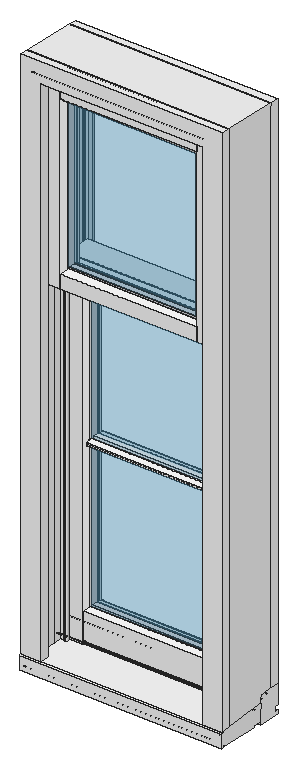
Revit family "S1-12", category Generic Models, Revit 2012
Parameters (values of type "Window Sill drawing")
  Width = 511 mm
  Height = 1397 mm
  GlazingPanelMaterial = Glass
  Floor Material = White
Reference planes
  plane 1 "Center (Front/Back)": y = 0
  plane 2: z = 0
  plane 3 "Center (Left/Right)": x = 0
  plane 4: z = 33
  plane 5: x = -714
  plane 6: x = -750
  plane 7: x = -718
  plane 8: x = -239
  plane 9: y = 67
  plane 10: y = -67
  plane 11: x = -271
  plane 12: z = 1397
  plane 13: z = 1365
  plane 14: z = 1361
  plane 15: z = 578
  plane 16: y = -35.88
  plane 17: x = -705.5
  plane 18: x = -275
  plane 19: y = 35.12
  plane 20: x = -705.5
  plane 21: z = 622
  plane 22: z = 117
  plane 23: y = 72.25
  plane 24: x = -494.5
  plane 25: y = -35.88
  plane 26: x = -283.5
  plane 27: y = 35.12
  plane 28: x = -283.5
  plane 29: z = 900.5
  plane 30: z = 910.5
  plane 31: y = 46.992
  plane 32: y = 46.992
  plane 33: y = 46.992
  plane 34: z = 501.251
Forms (mm)
  Extrusion 1, solid, not visible
    sketch origin (0, 0, 9.375) x (0, 1, 0) y (0, 0, 1)
      loop
        line (94.662, 311.911) -> (94.314, 312.868) -> (95.314, 312.868) -> (93.454, 317.977) -> (86.115, 317.977) -> (85.011, 317.575) -> (64.143, 317.575) -> (64.143, 311.911) -> (94.662, 311.911)
    from 0 to 250
  Extrusion 2, solid, not visible
    sketch origin (0, 0, 9.375) x (0, 1, 0) y (0, 0, 1)
      loop
        line (93.688, 317.334) -> (85.92, 317.334) -> (87.101, 312.926) -> (95.293, 312.926) -> (93.688, 317.334)
      loop
        line (91.853, 322.376) -> (91.853, 328.194)
        arc (91.853, 328.194) -> (91.424, 329.231) -> (90.388, 329.66) r 1.465
        line (90.388, 329.66) -> (71.853, 329.66) -> (71.853, 322.376) -> (91.853, 322.376)
      loop
        line (73.373, 320.598) -> (64.143, 320.598) -> (64.143, 317.575) -> (73.373, 317.575) -> (73.373, 320.598)
      loop
        line (61.169, 311.884) -> (61.169, 316.884) -> (56.169, 316.884)
        arc (56.169, 316.884) -> (53.926, 317.813) -> (52.996, 320.057) r 3.173
        line (52.996, 320.057) -> (52.996, 327.594)
        arc (52.996, 327.594) -> (53.247, 329.284) -> (54.656, 330.25) r 2.138
        line (54.656, 330.25) -> (56.493, 330.25)
        arc (56.493, 330.25) -> (57.939, 329.727) -> (58.925, 328.548) r 2.95
        line (58.925, 328.548) -> (59.306, 324.922) -> (61.24, 324.922) -> (60.612, 330.901)
        arc (60.612, 330.901) -> (59.723, 332.646) -> (57.894, 333.348) r 2.733
        line (57.894, 333.348) -> (52.423, 333.348)
        arc (52.423, 333.348) -> (50.164, 330.795) -> (49.999, 327.391) r 5.139
        line (49.999, 327.391) -> (47.957, 316.884)
        arc (47.957, 316.884) -> (49.179, 314.507) -> (49.698, 311.884) r 9.583
        line (49.698, 311.884) -> (61.169, 311.884)
    from 0 to 250
  Extrusion 3, solid, not visible
    sketch origin (-848.022, -244.537, 0) x (1, 0, 0) y (0, 1, 0)
      loop
        line (-156.504, 643.402) -> (-146.504, 653.402) -> (-146.504, 655.402) -> (-162.504, 655.402) -> (-162.504, 703.402) -> (-199.504, 703.402)
        arc (-199.504, 703.402) -> (-201.625, 702.524) -> (-202.504, 700.402) r 3
        line (-202.504, 700.402) -> (-202.504, 695.402) -> (-196.504, 695.402) -> (-196.504, 692.402) -> (-202.504, 692.402) -> (-202.504, 679.402) -> (-196.504, 679.402) -> (-196.504, 667.402) -> (-202.504, 667.402) -> (-202.504, 646.402)
        arc (-202.504, 646.402) -> (-201.625, 644.281) -> (-199.504, 643.402) r 3
        line (-199.504, 643.402) -> (-156.504, 643.402)
    from 672 to 1294
  Extrusion 4, solid, not visible
    sketch origin (-848.022, -244.537, 0) x (1, 0, 0) y (0, 1, 0)
      loop
        line (-162.504, 700.402) -> (-162.504, 681.402) -> (-150.504, 681.402) -> (-150.504, 684.402) -> (-146.504, 685.402) -> (-146.504, 689.402) -> (-149.504, 689.402)
        arc (-149.504, 689.402) -> (-151.847, 695.059) -> (-157.504, 697.402) r 8
        line (-157.504, 697.402) -> (-157.504, 700.402) -> (-162.504, 700.402)
    from 672 to 1294
  Extrusion 5, solid, not visible
    sketch origin (-511.418, -643.152, -230) x (1, 0, 0) y (0, 1, 0)
      loop
        line (-200.504, 641.902) -> (-200.504, 638.902) -> (-198.254, 638.902) -> (-198.254, 634.902) -> (-195.818, 634.902) -> (-195.818, 638.902) -> (-193.504, 638.902) -> (-193.504, 641.902) -> (-195.282, 641.902) -> (-195.282, 641.116) -> (-194.482, 641.116) -> (-194.482, 639.814) -> (-199.81, 639.814) -> (-199.81, 641.116) -> (-199.01, 641.116) -> (-199.01, 641.902) -> (-200.504, 641.902)
    from 230 to 852
  Extrusion 6, solid, not visible
    sketch origin (-511.418, -643.152, -140) x (1, 0, 0) y (0, 1, 0)
      loop
        line (-194.482, 639.814) -> (-194.482, 641.116) -> (-199.81, 641.116) -> (-199.81, 639.814) -> (-194.482, 639.814)
    from 140 to 762
  Extrusion 7, solid, not visible
    sketch origin (-511.418, -643.152, 0) x (1, 0, 0) y (0, 1, 0)
      loop
        spline (-199.847, 645.779) -> (-199.478, 645.505) -> (-199.241, 645.183) -> (-199.108, 644.823) -> (-199.048, 644.431) -> (-199.033, 644.016) -> (-199.035, 643.585) -> (-199.023, 643.147) -> (-198.97, 642.709) -> (-198.847, 642.279) -> (-198.624, 641.865) -> (-198.272, 641.475) -> (-197.764, 641.116)
        line (-197.764, 641.116) -> (-196.529, 641.116)
        spline (-196.529, 641.116) -> (-195.991, 641.457) -> (-195.612, 641.839) -> (-195.363, 642.251) -> (-195.215, 642.684) -> (-195.139, 643.129) -> (-195.106, 643.577) -> (-195.086, 644.017) -> (-195.05, 644.441) -> (-194.969, 644.838) -> (-194.814, 645.2) -> (-194.556, 645.517) -> (-194.166, 645.779)
        line (-194.166, 645.779) -> (-199.847, 645.779)
    from 0 to 622
  Sweep 8, solid, material "White" <- "Floor Material"
    path origin (0, 0, 0) x (1, 0, 0) y (0, 0, 1)
      loop
        line (-725, 33) -> (-725, 1372) -> (-264, 1372) -> (-264, 33)
    profile origin (-494.5, 0, 1372) x (0, 0, 1) y (0, -1, 0)
      loop
        line (0, -4) -> (0, 4) -> (-17.634, 4) -> (-17.634, 2.635) -> (-15.193, 2.635) -> (-15.193, 1.135) -> (-22.193, 1.135) -> (-22.193, 2.635) -> (-19.789, 2.635) -> (-19.789, 4) -> (-21, 4)
        arc (-21, 4) -> (-25, 0) -> (-21, -4) r 4
        line (-21, -4) -> (0, -4)
  Sweep 9, solid, material "White" <- "Floor Material"
    path origin (0, 87, 0) x (1, 0, 0) y (0, 0, 1)
      loop
        line (-239, 68.003) -> (-239, 1397) -> (-750, 1397) -> (-750, 68.003)
    profile origin (-494.5, 87, 1397) x (0, 0, -1) y (0, -1, 0)
      loop
        line (0, 20) -> (0, 0) -> (32, 0) -> (32, 20) -> (23, 20) -> (23, 15) -> (15, 15) -> (15, 20) -> (0, 20)
  Sweep 10, solid, material "White" <- "Floor Material"
    path origin (0, -87, 0) x (1, 0, 0) y (0, 0, -1)
      loop
        line (-239, -33) -> (-239, -1397) -> (-750, -1397) -> (-750, -33)
    profile origin (-494.5, -87, 1397) x (0, 0, 1) y (0, 1, 0)
      loop
        line (0, 0) -> (0, 20) -> (-15, 20) -> (-15, 15) -> (-23, 15) -> (-23, 20) -> (-38, 20) -> (-38, 17) -> (-40.25, 17) -> (-40.25, 13) -> (-42.75, 13) -> (-42.75, 17) -> (-45, 17) -> (-45, 20) -> (-50, 20) -> (-50, 0) -> (0, 0)
  Sweep 11, solid, material "White" <- "Floor Material"
    path origin (0, 67, 0) x (-1, 0, 0) y (0, 0, -1)
      loop
        line (718, -1365) -> (718, -68) -> (271, -68) -> (271, -1365) -> (718, -1365)
    profile origin (-494.5, 67, 1365) x (0, 0, 1) y (0, -1, 0)
      loop
        line (0, -14) -> (0, 0) -> (-6.422, 0) -> (-6.422, -1.526) -> (-4.982, -1.526) -> (-4.982, -3.026) -> (-9.982, -3.026) -> (-9.982, -1.526) -> (-8.578, -1.526) -> (-8.578, 0) -> (-15, 0) -> (-15, -14)
        arc (-15, -14) -> (-9, -20) -> (-3, -14) r 6
        line (-3, -14) -> (0, -14)
  Extrusion 12, solid, material "White" <- "Floor Material"
    sketch origin (2366.619, -1603.085, 0) x (1, 0, 0) y (0, 1, 0)
      loop
        arc (-3077.619, 1597.085) -> (-3079.741, 1596.207) -> (-3080.619, 1594.085) r 3
        line (-3080.619, 1594.085) -> (-3080.619, 1589.085) -> (-3074.619, 1589.085) -> (-3074.619, 1586.085) -> (-3080.619, 1586.085) -> (-3080.619, 1577.085) -> (-3071.619, 1577.085)
        arc (-3071.619, 1577.085) -> (-3061.619, 1567.085) -> (-3071.619, 1557.085) r 10
        line (-3071.619, 1557.085) -> (-3080.619, 1557.085) -> (-3080.619, 1540.085)
        arc (-3080.619, 1540.085) -> (-3079.741, 1537.964) -> (-3077.619, 1537.085) r 3
        line (-3077.619, 1537.085) -> (-3034.619, 1537.085) -> (-3024.619, 1547.085) -> (-3024.619, 1549.085) -> (-3040.619, 1549.085) -> (-3040.619, 1597.085) -> (-3077.619, 1597.085)
    from 883.5 to 1361
  Extrusion 13, solid
    sketch origin (2366.119, -1602.966, 0) x (1, 0, 0) y (0, 1, 0)
      loop
        circle (-3071.619, 1567.085) r 5
      loop
        circle (-3071.619, 1567.085) r 8.5
    from 932.713 to 1361
  Extrusion 14, solid, material "White" <- "Floor Material"
    sketch origin (0, -3460.081, -3.128) x (0, 1, 0) y (0, 0, 1)
      loop
        line (3443.083, 1364.128) -> (3397.083, 1364.128)
        arc (3397.083, 1364.128) -> (3394.962, 1363.249) -> (3394.083, 1361.128) r 3
        line (3394.083, 1361.128) -> (3394.083, 1318.128) -> (3404.083, 1308.128) -> (3406.083, 1308.128) -> (3406.083, 1324.128) -> (3454.083, 1324.128) -> (3454.083, 1361.128)
        arc (3454.083, 1361.128) -> (3453.205, 1363.249) -> (3451.083, 1364.128) r 3
        line (3451.083, 1364.128) -> (3446.083, 1364.128) -> (3446.083, 1358.128) -> (3443.083, 1358.128) -> (3443.083, 1364.128)
    from -668 to -321
  Extrusion 15, solid, material "White" <- "Floor Material"
    sketch origin (0, -3460.083, 302.372) x (0, 1, 0) y (0, 0, 1)
      loop
        line (3432.083, 609.128) -> (3406.083, 609.128) -> (3406.083, 625.128) -> (3404.083, 625.128) -> (3394.083, 615.128) -> (3394.083, 581.128) -> (3418.083, 581.128) -> (3418.083, 586.128) -> (3430.083, 586.128) -> (3430.083, 581.128) -> (3461.083, 581.128) -> (3461.083, 586.128) -> (3459.083, 596.128) -> (3454.083, 596.128) -> (3454.083, 606.128) -> (3448.083, 606.128) -> (3448.083, 609.128) -> (3454.083, 609.128) -> (3454.083, 625.128) -> (3436.083, 625.128) -> (3435.083, 621.128) -> (3432.083, 621.128) -> (3432.083, 609.128)
    from -668 to -321
  Sweep 16, solid, material "White" <- "Floor Material"
    path origin (0.117, -27.5, -0.107) x (1, 0, 0) y (0, 0, 1)
      loop
        line (-674, 910.607) -> (-674, 1321) -> (-315.217, 1321) -> (-315.217, 910.607)
    profile origin (-494.491, -27.5, 1320.893) x (0, 0, 1) y (0, -1, 0)
      loop
        line (-4.893, -19) -> (0.107, -19) -> (0.107, 0) -> (-11.893, 0) -> (-11.893, -3) -> (-15.893, -4) -> (-15.893, -8) -> (-12.893, -8)
        arc (-12.893, -8) -> (-10.55, -13.657) -> (-4.893, -16) r 8
        line (-4.893, -16) -> (-4.893, -19)
  Extrusion 17, solid, material "White" <- "Floor Material"
    sketch origin (0, -3459.584, -3.128) x (0, 1, 0) y (0, 0, 1)
      loop
        line (3466.25, 47.895) -> (3371.218, 36.226)
        arc (3371.218, 36.226) -> (3369.337, 35.236) -> (3368.583, 33.248) r 3
        line (3368.583, 33.248) -> (3368.583, 3.128) -> (3373.583, 3.128) -> (3373.583, 5.128)
        arc (3373.583, 5.128) -> (3376.583, 8.128) -> (3379.583, 5.128) r 3
        line (3379.583, 5.128) -> (3379.583, 3.128) -> (3472.583, 3.128) -> (3472.583, 8.128) -> (3492.583, 8.128) -> (3492.583, 36.128) -> (3497.583, 36.128) -> (3497.583, 51.128) -> (3492.583, 51.128) -> (3469.741, 48.39) -> (3472.672, 46.1)
        arc (3472.672, 46.1) -> (3473.13, 44.379) -> (3471.384, 44.026) r 1.223
        line (3471.384, 44.026) -> (3466.25, 47.895)
    from -750 to -239
  Extrusion 18, solid, material "White" <- "Floor Material"
    sketch origin (0, -3459.584, -3.128) x (0, 1, 0) y (0, 0, 1)
      loop
        line (3526.583, 71.128) -> (3509.928, 69.083) -> (3510.807, 68.237) -> (3513.821, 65.882)
        arc (3513.821, 65.882) -> (3513.838, 64.262) -> (3512.23, 64.064) r 1.216
        line (3512.23, 64.064) -> (3506.085, 68.694) -> (3492.583, 67.036) -> (3492.583, 62.041)
        arc (3492.583, 62.041) -> (3495.583, 59.041) -> (3492.583, 56.041) r 3
        line (3492.583, 56.041) -> (3492.583, 51.128) -> (3497.583, 51.128) -> (3497.583, 36.128) -> (3492.583, 36.128) -> (3492.583, 3.128) -> (3546.583, 3.128) -> (3546.583, 13.128) -> (3536.583, 13.128) -> (3536.583, 23.128) -> (3546.583, 23.128) -> (3546.583, 71.128) -> (3526.583, 71.128)
    from -750 to -239
  Extrusion 19, solid, material "White" <- "Floor Material"
    sketch origin (0, -3460.084, -3.125) x (0, 1, 0) y (0, 0, 1)
      loop
        line (3525.083, 116.128) -> (3477.083, 116.128) -> (3477.083, 132.128) -> (3475.083, 132.128) -> (3465.083, 122.128) -> (3465.083, 55.519)
        arc (3465.083, 55.519) -> (3466.096, 53.272) -> (3468.449, 52.541) r 3
        line (3468.449, 52.541) -> (3473.083, 53.11) -> (3473.083, 59.11) -> (3476.083, 59.11) -> (3476.083, 53.478) -> (3487.083, 54.829) -> (3487.083, 76.794) -> (3503.083, 76.794) -> (3503.083, 71.794) -> (3514.083, 73.144) -> (3514.083, 79.144) -> (3517.083, 79.144) -> (3517.083, 73.513) -> (3522.449, 74.171)
        arc (3522.449, 74.171) -> (3524.33, 75.161) -> (3525.083, 77.149) r 3
        line (3525.083, 77.149) -> (3525.083, 116.128)
    from -668 to -321
  Extrusion 20, solid, material "Glass"
    sketch origin (2366.619, -1602.584, 0) x (1, 0, 0) y (0, 1, 0)
      loop
        line (-3036.619, 1575.085) -> (-3036.619, 1571.085) -> (-2685.619, 1571.085) -> (-2685.619, 1575.085) -> (-3036.619, 1575.085)
      loop
        line (-3036.619, 1555.085) -> (-3036.619, 1551.085) -> (-2685.619, 1551.085) -> (-2685.619, 1555.085) -> (-3036.619, 1555.085)
    from 927.5 to 1305
  Sweep 21, solid
    path origin (0, -39.498, 0) x (1, 0, 0) y (0, 0, 1)
      loop
        line (-670, 1317) -> (-670, 917.5) -> (-319, 917.5) -> (-319, 1317) -> (-670, 1317)
    profile origin (-494.5, -39.498, 1317) x (0, 0, 1) y (0, -1, 0)
      loop
        line (0, -8) -> (0, 8) -> (-10, 8) -> (-10, -8) -> (0, -8)
  Extrusion 22, solid, material "White" <- "Floor Material"
    sketch origin (2366.619, -1532.085, -542) x (1, 0, 0) y (0, 1, 0)
      loop
        arc (-3077.619, 1597.085) -> (-3079.741, 1596.207) -> (-3080.619, 1594.085) r 3
        line (-3080.619, 1594.085) -> (-3080.619, 1577.085) -> (-3071.619, 1577.085)
        arc (-3071.619, 1577.085) -> (-3061.619, 1567.085) -> (-3071.619, 1557.085) r 10
        line (-3071.619, 1557.085) -> (-3080.619, 1557.085) -> (-3080.619, 1548.085) -> (-3074.619, 1548.085) -> (-3074.619, 1545.085) -> (-3080.619, 1545.085) -> (-3080.619, 1540.085)
        arc (-3080.619, 1540.085) -> (-3079.741, 1537.964) -> (-3077.619, 1537.085) r 3
        line (-3077.619, 1537.085) -> (-3034.619, 1537.085) -> (-3024.619, 1547.085) -> (-3024.619, 1549.085) -> (-3040.619, 1549.085) -> (-3040.619, 1597.085) -> (-3077.619, 1597.085)
    from 585.128 to 1425.5
  Extrusion 23, solid
    sketch origin (2366.119, -1531.966, -542) x (1, 0, 0) y (0, 1, 0)
      loop
        circle (-3071.619, 1567.085) r 5
      loop
        circle (-3071.619, 1567.085) r 8.5
    from 655 to 1442.607
  Extrusion 24, solid, material "White" <- "Floor Material"
    sketch origin (0, -3389.081, -239.628) x (0, 1, 0) y (0, 0, 1)
      loop
        line (3454.081, 1139.128) -> (3454.081, 1167.128) -> (3387.081, 1167.128) -> (3387.081, 1162.128) -> (3389.081, 1152.128) -> (3394.081, 1152.128) -> (3394.081, 1142.585) -> (3400.302, 1142.585) -> (3400.302, 1139.128) -> (3394.081, 1139.128) -> (3394.081, 1123.128) -> (3406.081, 1123.128) -> (3406.081, 1139.128) -> (3454.081, 1139.128)
    from -703 to -286.193
  Sweep 25, solid, material "White" <- "Floor Material"
    path origin (0.117, 43.5, -542.107) x (1, 0, 0) y (0, 0, 1)
      loop
        line (-674, 1442.607) -> (-674, 655.107) -> (-315.217, 655.107) -> (-315.217, 1442.607) -> (-674, 1442.607)
    profile origin (-494.491, 43.5, 900.5) x (0, 0, 1) y (0, -1, 0)
      loop
        line (-4.893, -19) -> (0.107, -19) -> (0.107, 0) -> (-11.893, 0) -> (-11.893, -3) -> (-15.893, -4) -> (-15.893, -8) -> (-12.893, -8)
        arc (-12.893, -8) -> (-10.55, -13.657) -> (-4.893, -16) r 8
        line (-4.893, -16) -> (-4.893, -19)
  Extrusion 26, solid, material "Glass"
    sketch origin (2366.619, -1531.584, -541.101) x (1, 0, 0) y (0, 1, 0)
      loop
        line (-3036.619, 1575.085) -> (-3036.619, 1571.085) -> (-2685.619, 1571.085) -> (-2685.619, 1575.085) -> (-3036.619, 1575.085)
      loop
        line (-3036.619, 1555.085) -> (-3036.619, 1551.085) -> (-2685.619, 1551.085) -> (-2685.619, 1555.085) -> (-3036.619, 1555.085)
    from 658.101 to 1424.601
  Sweep 27, solid
    path origin (0, 31.502, -542) x (1, 0, 0) y (0, 0, 1)
      loop
        line (-670, 1425.5) -> (-670, 659.003) -> (-319, 659.003) -> (-319, 1425.5) -> (-670, 1425.5)
    profile origin (-494.5, 31.502, 883.5) x (0, 0, 1) y (0, -1, 0)
      loop
        line (0, -8) -> (0, 8) -> (-10, 8) -> (-10, -8) -> (0, -8)
  Extrusion 28, solid, material "White" <- "Floor Material"
    sketch origin (0, -3459.584, -3.128) x (0, 1, 0) y (0, 0, 1)
      loop
        line (3466.25, 47.895) -> (3371.218, 36.226)
        arc (3371.218, 36.226) -> (3369.337, 35.236) -> (3368.583, 33.248) r 3
        line (3368.583, 33.248) -> (3368.583, 3.128) -> (3373.583, 3.128) -> (3373.583, 5.128)
        arc (3373.583, 5.128) -> (3376.583, 8.128) -> (3379.583, 5.128) r 3
        line (3379.583, 5.128) -> (3379.583, 3.128) -> (3472.583, 3.128) -> (3472.583, 8.128) -> (3492.583, 8.128) -> (3492.583, 36.128) -> (3497.583, 36.128) -> (3497.583, 51.128) -> (3492.583, 51.128) -> (3469.741, 48.39) -> (3472.672, 46.1)
        arc (3472.672, 46.1) -> (3473.131, 44.38) -> (3471.385, 44.025) r 1.223
        line (3471.385, 44.025) -> (3466.25, 47.895)
    from -750 to -239
  Extrusion 29, solid, material "White" <- "Floor Material"
    sketch origin (0, -3459.584, -3.128) x (0, 1, 0) y (0, 0, 1)
      loop
        line (3526.583, 71.128) -> (3509.928, 69.083) -> (3510.555, 68.434) -> (3513.821, 65.882)
        arc (3513.821, 65.882) -> (3513.838, 64.262) -> (3512.23, 64.064) r 1.216
        line (3512.23, 64.064) -> (3506.085, 68.694) -> (3492.583, 67.036) -> (3492.583, 62.041)
        arc (3492.583, 62.041) -> (3495.583, 59.041) -> (3492.583, 56.041) r 3
        line (3492.583, 56.041) -> (3492.583, 51.128) -> (3497.583, 51.128) -> (3497.583, 36.128) -> (3492.583, 36.128) -> (3492.583, 3.128) -> (3546.583, 3.128) -> (3546.583, 13.128) -> (3536.583, 13.128) -> (3536.583, 23.128) -> (3546.583, 23.128) -> (3546.583, 71.128) -> (3526.583, 71.128)
    from -750 to -239
  Extrusion 30, solid, material "White" <- "Floor Material"
    sketch origin (-3355.619, -1603.085, 0) x (-1, 0, 0) y (0, -1, 0)
      loop
        line (-3077.619, -1597.085) -> (-3040.619, -1597.085) -> (-3040.619, -1549.085) -> (-3024.619, -1549.085) -> (-3024.619, -1547.085) -> (-3034.619, -1537.085) -> (-3077.619, -1537.085)
        arc (-3077.619, -1537.085) -> (-3079.741, -1537.964) -> (-3080.619, -1540.085) r 3
        line (-3080.619, -1540.085) -> (-3080.619, -1557.085) -> (-3071.619, -1557.085)
        arc (-3071.619, -1557.085) -> (-3061.619, -1567.085) -> (-3071.619, -1577.085) r 10
        line (-3071.619, -1577.085) -> (-3080.619, -1577.085) -> (-3080.619, -1586.085) -> (-3074.619, -1586.085) -> (-3074.619, -1589.085) -> (-3080.619, -1589.085) -> (-3080.619, -1594.085)
        arc (-3080.619, -1594.085) -> (-3079.741, -1596.207) -> (-3077.619, -1597.085) r 3
    from 883.5 to 1364
  Extrusion 31, solid
    sketch origin (-3355.119, -1602.966, 0) x (-1, 0, 0) y (0, -1, 0)
      loop
        circle (-3071.619, -1567.085) r 5
      loop
        circle (-3071.619, -1567.085) r 8.5
    from 932.713 to 898.5
  Extrusion 32, solid, material "White" <- "Floor Material"
    sketch origin (-3355.619, -1532.085, -542) x (-1, 0, 0) y (0, -1, 0)
      loop
        line (-3077.619, -1597.085) -> (-3040.619, -1597.085) -> (-3040.619, -1549.085) -> (-3024.619, -1549.085) -> (-3024.619, -1547.085) -> (-3034.619, -1537.085) -> (-3077.619, -1537.085)
        arc (-3077.619, -1537.085) -> (-3079.741, -1537.964) -> (-3080.619, -1540.085) r 3
        line (-3080.619, -1540.085) -> (-3080.619, -1545.085) -> (-3074.619, -1545.085) -> (-3074.619, -1548.085) -> (-3080.619, -1548.085) -> (-3080.619, -1557.085) -> (-3071.619, -1557.085)
        arc (-3071.619, -1557.085) -> (-3061.619, -1567.085) -> (-3071.619, -1577.085) r 10
        line (-3071.619, -1577.085) -> (-3080.619, -1577.085) -> (-3080.619, -1594.085)
        arc (-3080.619, -1594.085) -> (-3079.741, -1596.207) -> (-3077.619, -1597.085) r 3
    from 585.128 to 1425.5
  Extrusion 33, solid
    sketch origin (-3355.119, -1531.966, -542) x (-1, 0, 0) y (0, -1, 0)
      loop
        circle (-3071.619, -1567.085) r 5
      loop
        circle (-3071.619, -1567.085) r 8.5
    from 655 to 1442.607
  Sweep 34, solid, material "White" <- "Floor Material"
    path origin (0, 0, 0) x (1, 0, 0) y (0, 0, 1)
      loop
        line (-750, 33.101) -> (-750, 1397) -> (-239, 1397) -> (-239, 33.101)
    profile origin (-494.5, 0, 1397) x (0, 0, 1) y (0, -1, 0)
      loop
        line (0, -67) -> (0, 67) -> (-15, 67) -> (-15, 72) -> (-23, 72) -> (-23, 67) -> (-32, 67) -> (-32, 23.423) -> (-28.765, 20.188)
        arc (-28.765, 20.188) -> (-28.765, 18.851) -> (-30.102, 18.851) r 0.945
        line (-30.102, 18.851) -> (-32, 20.749) -> (-32, 4) -> (-25, 4) -> (-25, -4) -> (-32, -4) -> (-32, -67) -> (-23, -67) -> (-23, -72) -> (-15, -72) -> (-15, -67) -> (0, -67)
  Sweep 35, void
    path origin (0, 0, 0) x (1, 0, 0) y (0, 1, 0)
      loop
        line (-780, 0) -> (-150, 0)
    profile origin (-465, 0, 0) x (0, 1, 0) y (0, 0, 1)
      loop
        line (6.667, 44.767) -> (-88.44, 33.089)
        arc (-88.44, 33.089) -> (-90.287, 32.137) -> (-91.073, 30.213) r 3
        line (-91.073, 30.213) -> (-103.128, 30.213) -> (-103.128, -6.095) -> (101.872, -6.095) -> (101.872, 68.092) -> (66.913, 68.092) -> (50.322, 66.055) -> (50.857, 65.395) -> (54.239, 62.753)
        arc (54.239, 62.753) -> (54.251, 61.131) -> (52.64, 60.94) r 1.216
        line (52.64, 60.94) -> (46.501, 65.566) -> (32.913, 63.898) -> (32.913, 59.005)
        arc (32.913, 59.005) -> (35.913, 56.005) -> (32.913, 53.005) r 3
        line (32.913, 53.005) -> (32.913, 48.092) -> (10.043, 45.352) -> (13.086, 42.974)
        arc (13.086, 42.974) -> (13.547, 41.252) -> (11.8, 40.898) r 1.223
        line (11.8, 40.898) -> (6.667, 44.767)
  Extrusion 36, solid, material "White" <- "Floor Material"
    sketch origin (-152.084, -46.104, 500.077) x (0, 0, 1) y (0, 1, 0)
      loop
        line (-8.825, 91.096) -> (11.175, 91.096) -> (11.175, 99.096) -> (9.175, 99.096) -> (9.175, 101.596) -> (3.675, 109.096) -> (3.675, 111.096) -> (-1.325, 111.096) -> (-1.325, 109.096) -> (-6.825, 101.596) -> (-6.825, 99.096) -> (-8.825, 99.096) -> (-8.825, 91.096)
      loop
        line (11.175, 62.296) -> (11.175, 65.096) -> (-8.825, 65.096) -> (-8.825, 62.296) -> (-1.325, 54.142) -> (-1.325, 52.142) -> (3.675, 52.142) -> (3.675, 54.142) -> (11.175, 62.296)
    from 178.909 to 505.916
  Extrusion 37, solid, material "White" <- "Floor Material"
    sketch origin (-152.084, 7.992, 899.345) x (0, 0, 1) y (0, 1, 0)
      loop
        line (-408.094, 34) -> (-408.094, 18) -> (-388.094, 18) -> (-388.094, 34) -> (-408.094, 34)
    from 136.916 to 589.023
  Extrusion 38, solid, material "Sill"
    sketch origin (0, -343.566, 2308.759) x (0, 1, 0) y (0, 0, 1)
      loop
        line (398.83, -2233.777) -> (398.83, -2239.91) -> (394.818, -2240.411) -> (393.98, -2241.004) -> (394.938, -2241.371) -> (399.682, -2240.778) -> (399.682, -2234.506) -> (401.113, -2235.331) -> (401.113, -2234.377) -> (400.073, -2233.777) -> (398.83, -2233.777)
    from -735 to -254
  Extrusion 39, solid
    sketch origin (0, 0.172, 3.16) x (0, 1, 0) y (0, 0, 1)
      loop
        line (46.879, 64.971) -> (46.879, 62.157) -> (52.486, 57.931)
        arc (52.486, 57.931) -> (54.044, 58.035) -> (54.063, 59.596) r 1.15
        line (54.063, 59.596) -> (50.406, 62.453)
        arc (50.406, 62.453) -> (50.168, 63.172) -> (50.741, 63.666) r 0.681
        line (50.741, 63.666) -> (54.979, 64.196)
        arc (54.979, 64.196) -> (55.906, 64.686) -> (56.276, 65.666) r 1.481
        line (56.276, 65.666) -> (56.276, 71.596) -> (52.699, 71.346) -> (52.699, 70.391) -> (55.776, 70.391) -> (55.776, 67.112) -> (48.075, 66.167)
        arc (48.075, 66.167) -> (47.229, 65.817) -> (46.879, 64.971) r 1.196
      loop
        arc (48.084, 65.67) -> (47.588, 65.465) -> (47.383, 64.969) r 0.701
        line (47.383, 64.969) -> (47.383, 62.403) -> (52.795, 58.325)
        arc (52.795, 58.325) -> (53.665, 58.363) -> (53.716, 59.233) r 0.65
        line (53.716, 59.233) -> (50.098, 62.059)
        arc (50.098, 62.059) -> (49.686, 63.305) -> (50.679, 64.162) r 1.181
        line (50.679, 64.162) -> (54.917, 64.692)
        arc (54.917, 64.692) -> (55.531, 65.017) -> (55.776, 65.666) r 0.981
        line (55.776, 65.666) -> (55.776, 66.682) -> (48.084, 65.67)
    from -735 to -254
  Extrusion 40, solid, material "Sill"
    sketch origin (0, -384.398, 2288.729) x (0, 1, 0) y (0, 0, 1)
      loop
        line (398.83, -2233.777) -> (398.83, -2239.91) -> (394.818, -2240.411) -> (393.98, -2241.004) -> (394.938, -2241.371) -> (399.682, -2240.778) -> (399.682, -2234.506) -> (401.113, -2235.331) -> (401.113, -2234.377) -> (400.073, -2233.777) -> (398.83, -2233.777)
    from -735 to -254
  Extrusion 41, solid
    sketch origin (0, -40.66, -16.87) x (0, 1, 0) y (0, 0, 1)
      loop
        line (46.879, 64.971) -> (46.879, 62.157) -> (52.486, 57.931)
        arc (52.486, 57.931) -> (54.044, 58.035) -> (54.063, 59.596) r 1.15
        line (54.063, 59.596) -> (50.406, 62.453)
        arc (50.406, 62.453) -> (50.168, 63.172) -> (50.741, 63.666) r 0.681
        line (50.741, 63.666) -> (54.979, 64.196)
        arc (54.979, 64.196) -> (55.906, 64.686) -> (56.276, 65.666) r 1.481
        line (56.276, 65.666) -> (56.276, 71.596) -> (52.699, 71.346) -> (52.699, 70.391) -> (55.776, 70.391) -> (55.776, 67.112) -> (48.075, 66.167)
        arc (48.075, 66.167) -> (47.229, 65.817) -> (46.879, 64.971) r 1.196
      loop
        arc (48.084, 65.67) -> (47.588, 65.465) -> (47.383, 64.969) r 0.701
        line (47.383, 64.969) -> (47.383, 62.403) -> (52.795, 58.325)
        arc (52.795, 58.325) -> (53.665, 58.363) -> (53.716, 59.233) r 0.65
        line (53.716, 59.233) -> (50.098, 62.059)
        arc (50.098, 62.059) -> (49.686, 63.305) -> (50.679, 64.162) r 1.181
        line (50.679, 64.162) -> (54.917, 64.692)
        arc (54.917, 64.692) -> (55.531, 65.017) -> (55.776, 65.666) r 0.981
        line (55.776, 65.666) -> (55.776, 66.682) -> (48.084, 65.67)
    from -735 to -254
  Extrusion 42, solid, material "Sill"
    sketch origin (0, 2244.262, 1299.516) x (0, 0, -1) y (0, 1, 0)
      loop
        line (398.83, -2233.777) -> (398.83, -2239.91) -> (394.818, -2240.411) -> (393.98, -2241.004) -> (394.938, -2241.371) -> (399.682, -2240.778) -> (399.682, -2234.506) -> (401.113, -2235.331) -> (401.113, -2234.377) -> (400.073, -2233.777) -> (398.83, -2233.777)
    from -735 to -254
  Extrusion 43, solid
    sketch origin (0, -61.336, 955.778) x (0, 0, -1) y (0, 1, 0)
      loop
        line (46.879, 64.971) -> (46.879, 62.157) -> (52.486, 57.931)
        arc (52.486, 57.931) -> (54.044, 58.035) -> (54.063, 59.596) r 1.15
        line (54.063, 59.596) -> (50.406, 62.453)
        arc (50.406, 62.453) -> (50.168, 63.172) -> (50.741, 63.666) r 0.681
        line (50.741, 63.666) -> (54.979, 64.196)
        arc (54.979, 64.196) -> (55.906, 64.686) -> (56.276, 65.666) r 1.481
        line (56.276, 65.666) -> (56.276, 71.596) -> (52.699, 71.346) -> (52.699, 70.391) -> (55.776, 70.391) -> (55.776, 67.112) -> (48.075, 66.167)
        arc (48.075, 66.167) -> (47.229, 65.817) -> (46.879, 64.971) r 1.196
      loop
        arc (48.084, 65.67) -> (47.588, 65.465) -> (47.383, 64.969) r 0.701
        line (47.383, 64.969) -> (47.383, 62.403) -> (52.795, 58.325)
        arc (52.795, 58.325) -> (53.665, 58.363) -> (53.716, 59.233) r 0.65
        line (53.716, 59.233) -> (50.098, 62.059)
        arc (50.098, 62.059) -> (49.686, 63.305) -> (50.679, 64.162) r 1.181
        line (50.679, 64.162) -> (54.917, 64.692)
        arc (54.917, 64.692) -> (55.531, 65.017) -> (55.776, 65.666) r 0.981
        line (55.776, 65.666) -> (55.776, 66.682) -> (48.084, 65.67)
    from -735 to -254
  Extrusion 44, solid, material "Sill"
    sketch origin (0, -2245.213, 509.256) x (0, 0, 1) y (0, -1, 0)
      loop
        line (398.83, -2233.777) -> (398.83, -2239.771) -> (393.875, -2240.39) -> (393.172, -2240.784) -> (393.95, -2240.992) -> (399.436, -2240.306) -> (399.436, -2234.364) -> (401.113, -2235.331) -> (401.113, -2234.377) -> (400.073, -2233.777) -> (398.83, -2233.777)
    from -735 to -254
  Extrusion 45, solid
    sketch origin (0, 60.386, 852.994) x (0, 0, 1) y (0, -1, 0)
      loop
        line (45.751, 66.361) -> (45.751, 61.738) -> (50.715, 58.245)
        arc (50.715, 58.245) -> (51.921, 58.359) -> (51.995, 59.568) r 0.932
        line (51.995, 59.568) -> (48.721, 62.126)
        arc (48.721, 62.126) -> (48.463, 63.19) -> (49.212, 63.988) r 1.15
        line (49.212, 63.988) -> (55.448, 64.767)
        arc (55.448, 64.767) -> (56.374, 65.257) -> (56.745, 66.237) r 1.481
        line (56.745, 66.237) -> (56.745, 71.629) -> (52.699, 71.346) -> (52.699, 70.391) -> (55.698, 70.391) -> (55.698, 66.361) -> (45.751, 66.361)
      loop
        arc (55.469, 65.264) -> (55.766, 65.621) -> (55.427, 65.939) r 0.339
        line (55.427, 65.939) -> (46.251, 65.939) -> (46.251, 61.997) -> (51.003, 58.654)
        arc (51.003, 58.654) -> (51.542, 58.688) -> (51.625, 59.222) r 0.432
        line (51.625, 59.222) -> (48.366, 61.761)
        arc (48.366, 61.761) -> (47.909, 63.2) -> (48.786, 64.428) r 1.688
        line (48.786, 64.428) -> (55.469, 65.264)
    from -735 to -254
  Extrusion 46, solid, material "Sill"
    sketch origin (0, -414.799, -876.703) x (0, 1, 0) y (0, 0, 1)
      loop
        line (399.221, 2233.777) -> (400.073, 2233.777) -> (401.113, 2234.377) -> (401.113, 2235.331) -> (400.073, 2234.731) -> (400.073, 2238.748) -> (394.12, 2238.748) -> (393.337, 2238.494) -> (394.134, 2238.204) -> (399.221, 2238.204) -> (399.221, 2233.777)
    from -735 to -262
  Extrusion 47, solid
    sketch origin (0, -5.364, 375.019) x (0, 1, 0) y (0, 0, 1)
      loop
        arc (-19.175, 986.98) -> (-18.882, 986.273) -> (-18.175, 985.98) r 1
        line (-18.175, 985.98) -> (-11.098, 985.98)
        arc (-11.098, 985.98) -> (-10.406, 985.393) -> (-9.92, 984.627) r 3.012
        line (-9.92, 984.627) -> (-9.92, 983.485) -> (-12.998, 983.485) -> (-12.998, 982.53) -> (-9.42, 982.28) -> (-9.42, 984.649) -> (-9.063, 985.499) -> (-9.063, 986.715)
        arc (-9.063, 986.715) -> (-9.356, 987.422) -> (-10.063, 987.715) r 1
        line (-10.063, 987.715) -> (-15.237, 987.715)
        arc (-15.237, 987.715) -> (-16.161, 988.332) -> (-15.944, 989.422) r 1
        line (-15.944, 989.422) -> (-13.487, 991.879)
        arc (-13.487, 991.879) -> (-13.487, 993.216) -> (-14.824, 993.216) r 0.945
        line (-14.824, 993.216) -> (-19.175, 988.865) -> (-19.175, 986.98)
      loop
        arc (-13.841, 992.232) -> (-13.841, 992.862) -> (-14.471, 992.862) r 0.445
        line (-14.471, 992.862) -> (-18.675, 988.658) -> (-18.675, 986.98)
        arc (-18.675, 986.98) -> (-18.529, 986.627) -> (-18.175, 986.48) r 0.5
        line (-18.175, 986.48) -> (-10.962, 986.48)
        arc (-10.962, 986.48) -> (-10.157, 985.861) -> (-9.563, 985.037) r 3.512
        line (-9.563, 985.037) -> (-9.563, 986.715)
        arc (-9.563, 986.715) -> (-9.709, 987.068) -> (-10.063, 987.215) r 0.5
        line (-10.063, 987.215) -> (-15.237, 987.215)
        arc (-15.237, 987.215) -> (-16.623, 988.141) -> (-16.298, 989.775) r 1.5
        line (-16.298, 989.775) -> (-13.841, 992.232)
    from -735 to -262
  Extrusion 48, solid
    sketch origin (0, 0, 372.986) x (0, 1, 0) y (0, 0, 1)
      loop
        line (-74, 982.5) -> (-72.319, 981.278) -> (-72.319, 982.145) -> (-71.424, 981.25) -> (-71.424, 982.145) -> (-70.574, 981.25) -> (-70.813, 982.145) -> (-70, 982.145) -> (-70, 979) -> (-67, 979) -> (-67, 981.25) -> (-67.972, 981.25) -> (-67.972, 980) -> (-69.5, 980) -> (-69.5, 985) -> (-67.972, 985) -> (-67.972, 983.75) -> (-67, 983.75) -> (-67, 986) -> (-70, 986) -> (-70, 982.855) -> (-70.813, 982.855) -> (-70.574, 983.75) -> (-71.424, 982.855) -> (-71.424, 983.75) -> (-72.319, 982.855) -> (-72.319, 983.722) -> (-74, 982.5)
    from -262 to -735
  Extrusion 49, solid
    sketch origin (0, 0, 372.986) x (0, 1, 0) y (0, 0, 1)
      loop
        line (-67.972, 980) -> (-67.972, 981.974) -> (-66.727, 981.255) -> (-61.956, 980.921) -> (-61.034, 980) -> (-61.034, 985) -> (-61.956, 984.079) -> (-66.727, 983.745) -> (-67.972, 983.026) -> (-67.972, 985) -> (-69.5, 985) -> (-69.5, 980) -> (-67.972, 980)
    from -262 to -735
  Extrusion 50, solid
    sketch origin (0, 122.292, 375.515) x (0, 1, 0) y (0, 0, 1)
      loop
        line (-53.766, 979.502) -> (-52.266, 979.502) -> (-52.266, 984.502) -> (-53.766, 984.502) -> (-53.766, 982.307) -> (-55.039, 983.042) -> (-59.81, 983.376) -> (-60.732, 984.297) -> (-60.732, 979.708) -> (-59.81, 980.629) -> (-55.039, 980.963) -> (-53.766, 981.698) -> (-53.766, 979.502)
    from -262 to -735
  Extrusion 51, solid
    sketch origin (0, 51.131, 371.794) x (0, 1, 0) y (0, 0, 1)
      loop
        line (-53.766, 978.012) -> (-52.266, 978.012) -> (-52.266, 985.012) -> (-53.766, 985.012) -> (-53.766, 981.838) -> (-55.039, 982.573) -> (-59.81, 982.907) -> (-60.732, 983.828) -> (-60.732, 979.196) -> (-59.81, 980.117) -> (-55.039, 980.451) -> (-53.766, 981.186) -> (-53.766, 978.012)
    from -262 to -735
  Extrusion 52, solid
    sketch origin (0, 123.059, -906.16) x (0, 1, 0) y (0, 0, 1)
      loop
        line (-54.533, 979.143) -> (-53.033, 979.143) -> (-53.033, 984.143) -> (-54.533, 984.143) -> (-54.533, 981.995) -> (-55.805, 982.729) -> (-60.577, 983.063) -> (-61.499, 983.984) -> (-61.499, 979.301) -> (-60.577, 980.222) -> (-55.805, 980.556) -> (-54.533, 981.291) -> (-54.533, 979.143)
    from -254 to -735
Cuts and joins
  Sweep 35 cuts Sweep 8
  Sweep 35 cuts Sweep 10
  Sweep 35 cuts Sweep 34
Dimensions and locks
  plane 12 to plane 13 = 32 mm
  plane 13 to plane 14 = 4 mm
  locked: plane 15 to level at 578
  plane 21 to plane 15 = 44 mm
  plane 22 to level = 117 mm
  "Height": plane 12 to level
  "Width": plane 6 to plane 8
  equal spacing: plane 6, plane 24, plane 8
  plane 6 to plane 8 = 511 mm
  Extrusion 14 to plane 29 = 404.5 mm
  plane 29 to Extrusion 19 = 771.497 mm
  plane 30 to plane 29 = 10 mm
  Extrusion 36 sketch curve to Extrusion 36 sketch curve = 8 mm  (x2)
  Extrusion 36 sketch curve to Extrusion 36 sketch curve = 26 mm
  aligned and locked: level to plane 2
  aligned and locked: plane 5 to Extrusion 12
  aligned and locked: Sweep 9 to plane 9
  aligned and locked: plane 10 to Sweep 10
  aligned and locked: plane 6 to Sweep 10
  aligned and locked: plane 6 to Sweep 9
  aligned and locked: plane 8 to Sweep 9
  aligned and locked: plane 8 to Sweep 10
  aligned and locked: plane 11 to Sweep 11
  aligned and locked: Sweep 11 to plane 7
  aligned and locked: plane 12 to Sweep 10
  aligned and locked: plane 14 to Extrusion 12
  aligned and locked: plane 5 to Extrusion 13
  aligned and locked: plane 14 to Extrusion 13
  aligned and locked: plane 14 to Extrusion 14  (x2)
  aligned and locked: Sweep 16 to Extrusion 14
  aligned and locked: Sweep 34 sketch curve to plane 12
  aligned and locked: Sweep 34 sketch curve to plane 8
  aligned and locked: plane 6 to Sweep 34 sketch curve
  aligned and locked: Sweep 25 sketch curve to plane 29
  aligned and locked: Sweep 21 sketch curve to Extrusion 15
  aligned and locked: Extrusion 39 to Extrusion 41
  aligned and locked: Extrusion 41 to Extrusion 39
  aligned and locked: Extrusion 42 to Extrusion 44
  aligned and locked: Extrusion 45 to Extrusion 44
  aligned and locked: Extrusion 45 to Extrusion 43
  aligned and locked: Extrusion 44 to Extrusion 43
  aligned and locked: Extrusion 44 to Extrusion 42
  aligned and locked: Extrusion 44 to Extrusion 45
  aligned and locked: Extrusion 47 to Extrusion 46
  aligned and locked: Extrusion 46 to Extrusion 47
  aligned and locked: Extrusion 49 to Extrusion 48  (x2)
  aligned and locked: Extrusion 47 to Extrusion 48
  aligned and locked: Extrusion 47 to Sweep 9
  aligned and locked: Sweep 9 to Extrusion 47
  aligned and locked: Sweep 9 to Extrusion 48
  aligned and locked: Extrusion 45 to Sweep 9  (x2)
  aligned and locked: Extrusion 43 to Sweep 9
  aligned and locked: Extrusion 42 to Sweep 9  (x2)
  aligned and locked: Extrusion 44 to Sweep 9
  aligned and locked: Extrusion 38 to Sweep 9  (x2)
  aligned and locked: Extrusion 39 to Sweep 9  (x2)
  aligned and locked: Sweep 9 to Extrusion 41
  aligned and locked: cut or joined group of Sweep 34, Sweep 35 to Extrusion 40
  aligned and locked: Extrusion 41 to Sweep 9
  aligned and locked: Extrusion 50 to Extrusion 47
  aligned and locked: Extrusion 50 to Sweep 9
  aligned and locked: Sweep 9 to Extrusion 51
  aligned and locked: Extrusion 51 to Sweep 9
  aligned and locked: Extrusion 52 to Sweep 9  (x2)
Automatic sketch dimensions
  Extrusion 13 sketch curve to Extrusion 13 sketch curve = 0 mm  (x2)
  Extrusion 13 sketch curve to plane 16 = 0 mm
  Extrusion 13 sketch curve to plane 17 = 0 mm
  Extrusion 23 sketch curve to Extrusion 23 sketch curve = 0 mm  (x2)
  Extrusion 23 sketch curve to plane 19 = 0 mm
  Extrusion 23 sketch curve to plane 20 = 0 mm
  Extrusion 31 sketch curve to Extrusion 31 sketch curve = 0 mm  (x2)
  Extrusion 31 sketch curve to plane 25 = 0 mm
  Extrusion 31 sketch curve to plane 26 = 0 mm
  Extrusion 33 sketch curve to Extrusion 33 sketch curve = 0 mm  (x2)
  Extrusion 33 sketch curve to plane 27 = 0 mm
  Extrusion 33 sketch curve to plane 28 = 0 mm
  Extrusion 37 sketch curve to plane 1 "Center (Front/Back)" = 25.992 mm
  Extrusion 37 sketch curve to plane 34 = 10 mm
  Extrusion 37 sketch curve to Extrusion 37 sketch curve = 20 mm
  Extrusion 37 sketch curve to Extrusion 37 sketch curve = 16 mm
  Sweep 8 sketch curve to plane 4 = 0 mm  (x2)
  Sweep 8 sketch curve to plane 7 = 7 mm
  plane 11 to Sweep 8 sketch curve = 7 mm
  plane 13 to Sweep 8 sketch curve = 7 mm
  Sweep 8 sketch curve to profile plane = 0 mm
  profile plane to Sweep 8 sketch curve = 0 mm
  profile plane to Sweep 8 sketch curve = 2.635 mm
  profile plane to Sweep 8 sketch curve = 15.193 mm
  Sweep 8 sketch curve to Sweep 8 sketch curve = 2.44 mm
  Sweep 8 sketch curve to Sweep 8 sketch curve = 2.155 mm
  Sweep 8 sketch curve to Sweep 8 sketch curve = 1.211 mm
  Sweep 8 sketch curve to Sweep 8 sketch curve = 1.193 mm
  Sweep 8 sketch curve to profile plane = 4 mm
  profile plane to Sweep 8 sketch curve = 1.135 mm
  Sweep 8 sketch curve to Sweep 8 sketch curve = 1.5 mm
  Sweep 8 sketch curve to Sweep 8 sketch curve = 1.365 mm
  plane 6 to Sweep 9 sketch curve = 0 mm
  Sweep 9 sketch curve to plane 8 = 0 mm
  Sweep 9 sketch curve to plane 12 = 0 mm
  plane 4 to Sweep 9 sketch curve = 35.003 mm  (x2)
  Sweep 9 sketch curve to profile plane = 0 mm  (x2)
  Sweep 9 sketch curve to profile plane = 15 mm
  Sweep 9 sketch curve to Sweep 9 sketch curve = 8 mm
  Sweep 9 sketch curve to Sweep 9 sketch curve = 9 mm
  profile plane to Sweep 9 sketch curve = 15 mm
  Sweep 9 sketch curve to Sweep 9 sketch curve = 5 mm  (x2)
  plane 6 to Sweep 10 sketch curve = 0 mm
  Sweep 10 sketch curve to plane 8 = 0 mm
  Sweep 10 sketch curve to plane 12 = 0 mm
  Sweep 10 sketch curve to plane 4 = 0 mm  (x2)
  Sweep 10 sketch curve to profile plane = 0 mm
  profile plane to Sweep 10 sketch curve = 0 mm
  profile plane to Sweep 10 sketch curve = 15 mm  (x2)
  Sweep 10 sketch curve to Sweep 10 sketch curve = 8 mm
  Sweep 10 sketch curve to Sweep 10 sketch curve = 15 mm
  Sweep 10 sketch curve to Sweep 10 sketch curve = 2.25 mm  (x2)
  Sweep 10 sketch curve to Sweep 10 sketch curve = 2.5 mm
  Sweep 10 sketch curve to Sweep 10 sketch curve = 5 mm  (x2)
  profile plane to Sweep 10 sketch curve = 13 mm
  Sweep 10 sketch curve to Sweep 10 sketch curve = 4 mm
  Sweep 10 sketch curve to Sweep 10 sketch curve = 0 mm
  Sweep 10 sketch curve to Sweep 10 sketch curve = 3 mm  (x2)
  Sweep 11 sketch curve to plane 11 = 0 mm
  Sweep 11 sketch curve to plane 7 = 0 mm
  Sweep 11 sketch curve to plane 13 = 0 mm
  plane 4 to Sweep 11 sketch curve = 35 mm
  Sweep 11 sketch curve to profile plane = 0 mm  (x2)
  profile plane to Sweep 11 sketch curve = 0 mm
  Sweep 11 sketch curve to Sweep 11 sketch curve = 3 mm
  Sweep 11 sketch curve to profile plane = 1.526 mm  (x2)
  profile plane to Sweep 11 sketch curve = 4.982 mm
  Sweep 11 sketch curve to Sweep 11 sketch curve = 1.44 mm
  Sweep 11 sketch curve to Sweep 11 sketch curve = 2.155 mm
  Sweep 11 sketch curve to Sweep 11 sketch curve = 6 mm
  Sweep 11 sketch curve to Sweep 11 sketch curve = 1.405 mm
  Sweep 11 sketch curve to Sweep 11 sketch curve = 1.5 mm
  Sweep 11 sketch curve to Sweep 11 sketch curve = 10.974 mm
  Extrusion 12 sketch curve to plane 5 = 0 mm  (x3)
  Extrusion 12 sketch curve to plane 5 = 3 mm  (x2)
  plane 10 to Extrusion 12 sketch curve = 1 mm
  Extrusion 12 sketch curve to Extrusion 12 sketch curve = 3 mm  (x2)
  Extrusion 12 sketch curve to plane 5 = 9 mm
  plane 1 "Center (Front/Back)" to Extrusion 12 sketch curve = 6 mm
  Extrusion 12 sketch curve to Extrusion 12 sketch curve = 34 mm
  Extrusion 12 sketch curve to Extrusion 12 sketch curve = 6 mm
  Extrusion 12 sketch curve to Extrusion 12 sketch curve = 10 mm  (x2)
  plane 10 to Extrusion 12 sketch curve = 11 mm
  plane 10 to Extrusion 12 sketch curve = 13 mm
  Extrusion 12 sketch curve to Extrusion 12 sketch curve = 17 mm
  Extrusion 12 sketch curve to Extrusion 12 sketch curve = 8 mm
  Extrusion 14 sketch curve to plane 14 = 0 mm  (x2)
  plane 10 to Extrusion 14 sketch curve = 1.002 mm
  Extrusion 14 sketch curve to Extrusion 14 sketch curve = 3 mm  (x3)
  plane 10 to Extrusion 14 sketch curve = 11.002 mm
  Extrusion 14 sketch curve to Extrusion 14 sketch curve = 2 mm
  Extrusion 14 sketch curve to plane 14 = 6 mm
  plane 1 "Center (Front/Back)" to Extrusion 14 sketch curve = 16.998 mm
  Extrusion 14 sketch curve to Extrusion 14 sketch curve = 5 mm
  Extrusion 14 sketch curve to Extrusion 14 sketch curve = 37 mm
  Extrusion 14 sketch curve to Extrusion 14 sketch curve = 6 mm
  Extrusion 14 sketch curve to Extrusion 14 sketch curve = 10 mm
  plane 10 to Extrusion 15 sketch curve = 1 mm
  plane 10 to Extrusion 15 sketch curve = 11 mm
  plane 30 to Extrusion 15 sketch curve = 1 mm  (x2)
  plane 10 to Extrusion 15 sketch curve = 13 mm
  Extrusion 15 sketch curve to Extrusion 15 sketch curve = 24 mm
  Extrusion 15 sketch curve to Extrusion 15 sketch curve = 12 mm  (x2)
  Extrusion 15 sketch curve to Extrusion 15 sketch curve = 2 mm
  Extrusion 15 sketch curve to Extrusion 15 sketch curve = 3 mm
  Extrusion 15 sketch curve to Extrusion 15 sketch curve = 1 mm
  plane 1 "Center (Front/Back)" to Extrusion 15 sketch curve = 12 mm
  plane 1 "Center (Front/Back)" to Extrusion 15 sketch curve = 6 mm  (x2)
  Extrusion 15 sketch curve to plane 29 = 2 mm
  plane 1 "Center (Front/Back)" to Extrusion 15 sketch curve = 1 mm
  Extrusion 15 sketch curve to plane 1 "Center (Front/Back)" = 1 mm
  Extrusion 15 sketch curve to plane 29 = 12 mm
  Extrusion 15 sketch curve to Extrusion 15 sketch curve = 10 mm  (x2)
  Extrusion 15 sketch curve to Extrusion 15 sketch curve = 5 mm  (x2)
  Extrusion 15 sketch curve to plane 30 = 2 mm
  plane 30 to Extrusion 15 sketch curve = 7 mm
  Extrusion 15 sketch curve to Extrusion 15 sketch curve = 16 mm
  Sweep 16 sketch curve to plane 30 = 0 mm  (x2)
  Sweep 16 sketch curve to plane 5 = 40.117 mm
  Sweep 16 sketch curve to plane 18 = 40.1 mm
  Sweep 16 sketch curve to plane 14 = 40.107 mm
  Sweep 16 sketch curve to profile plane = 0 mm
  Sweep 16 sketch curve to profile plane = 8 mm
  profile plane to Sweep 16 sketch curve = 15.893 mm
  Sweep 16 sketch curve to Sweep 16 sketch curve = 3 mm  (x3)
  Sweep 16 sketch curve to Sweep 16 sketch curve = 4 mm
  profile plane to Sweep 16 sketch curve = 4.893 mm
  Sweep 16 sketch curve to profile plane = 0.107 mm
  Sweep 16 sketch curve to profile plane = 4 mm
  Extrusion 17 sketch curve to level = 0 mm  (x2)
  Extrusion 17 sketch curve to plane 4 = 0 mm
  Extrusion 17 sketch curve to plane 4 = 2.879 mm
  Extrusion 17 sketch curve to plane 10 = 24 mm
  plane 4 to Extrusion 17 sketch curve = 0.098 mm
  Extrusion 17 sketch curve to Extrusion 17 sketch curve = 2.634 mm
  Extrusion 17 sketch curve to Extrusion 17 sketch curve = 5 mm  (x2)
  level to Extrusion 17 sketch curve = 2 mm
  Extrusion 17 sketch curve to Extrusion 17 sketch curve = 3 mm
  Extrusion 17 sketch curve to plane 1 "Center (Front/Back)" = 6.667 mm
  Extrusion 17 sketch curve to Extrusion 17 sketch curve = 3.491 mm
  Extrusion 17 sketch curve to Extrusion 17 sketch curve = 1.643 mm
  Extrusion 17 sketch curve to Extrusion 17 sketch curve = 0.707 mm
  Extrusion 17 sketch curve to plane 1 "Center (Front/Back)" = 13 mm
  Extrusion 17 sketch curve to Extrusion 17 sketch curve = 0.581 mm
  plane 4 to Extrusion 17 sketch curve = 15 mm
  Extrusion 17 sketch curve to Extrusion 17 sketch curve = 19.912 mm
  Extrusion 17 sketch curve to Extrusion 17 sketch curve = 0 mm
  level to Extrusion 17 sketch curve = 5 mm
  plane 4 to Extrusion 17 sketch curve = 7.898 mm
  Extrusion 17 sketch curve to Extrusion 17 sketch curve = 0.998 mm
  Extrusion 17 sketch curve to Extrusion 17 sketch curve = 3.869 mm
  Extrusion 17 sketch curve to Extrusion 17 sketch curve = 0.496 mm
  Extrusion 18 sketch curve to plane 4 = 0 mm
  Extrusion 18 sketch curve to level = 0 mm
  plane 4 to Extrusion 18 sketch curve = 15 mm
  Extrusion 18 sketch curve to plane 1 "Center (Front/Back)" = 33 mm
  Extrusion 18 sketch curve to Extrusion 18 sketch curve = 0 mm
  Extrusion 18 sketch curve to Extrusion 18 sketch curve = 5 mm
  Extrusion 18 sketch curve to Extrusion 18 sketch curve = 13.501 mm
  Extrusion 18 sketch curve to Extrusion 18 sketch curve = 3.843 mm
  Extrusion 18 sketch curve to Extrusion 18 sketch curve = 0.879 mm
  Extrusion 18 sketch curve to Extrusion 18 sketch curve = 1.424 mm
  Extrusion 18 sketch curve to Extrusion 18 sketch curve = 0.693 mm
  Extrusion 18 sketch curve to Extrusion 18 sketch curve = 0.898 mm
  Extrusion 18 sketch curve to plane 9 = 0 mm
  Extrusion 18 sketch curve to plane 23 = 4.75 mm
  Extrusion 18 sketch curve to Extrusion 18 sketch curve = 10 mm  (x3)
  level to Extrusion 18 sketch curve = 10 mm
  Extrusion 18 sketch curve to Extrusion 18 sketch curve = 4.913 mm
  Extrusion 18 sketch curve to Extrusion 18 sketch curve = 3 mm
  Extrusion 18 sketch curve to Extrusion 18 sketch curve = 12.936 mm
  Extrusion 18 sketch curve to Extrusion 18 sketch curve = 0.999 mm
  Extrusion 18 sketch curve to Extrusion 18 sketch curve = 4.996 mm
  Extrusion 18 sketch curve to Extrusion 18 sketch curve = 3.174 mm
  Extrusion 18 sketch curve to Extrusion 18 sketch curve = 0.457 mm
  Extrusion 18 sketch curve to Extrusion 18 sketch curve = 0.846 mm
  Extrusion 18 sketch curve to Extrusion 18 sketch curve = 5.246 mm
  Extrusion 19 sketch curve to plane 1 "Center (Front/Back)" = 5 mm
  Extrusion 19 sketch curve to Extrusion 19 sketch curve = 3 mm  (x3)
  Extrusion 19 sketch curve to Extrusion 19 sketch curve = 0.366 mm  (x2)
  Extrusion 19 sketch curve to Extrusion 19 sketch curve = 5 mm  (x2)
  Extrusion 19 sketch curve to Extrusion 19 sketch curve = 10 mm
  Extrusion 19 sketch curve to plane 22 = 3.997 mm
  Extrusion 19 sketch curve to Extrusion 19 sketch curve = 12 mm
  Extrusion 19 sketch curve to Extrusion 19 sketch curve = 11 mm  (x2)
  Extrusion 19 sketch curve to Extrusion 19 sketch curve = 16 mm
  Extrusion 19 sketch curve to plane 9 = 5 mm
  Extrusion 19 sketch curve to plane 9 = 2 mm
  Extrusion 19 sketch curve to Extrusion 19 sketch curve = 36.984 mm
  Extrusion 19 sketch curve to Extrusion 19 sketch curve = 1.995 mm
  Extrusion 19 sketch curve to Extrusion 19 sketch curve = 2.351 mm
  Extrusion 19 sketch curve to Extrusion 19 sketch curve = 0.659 mm
  Extrusion 19 sketch curve to Extrusion 19 sketch curve = 0.368 mm  (x2)
  Extrusion 19 sketch curve to Extrusion 19 sketch curve = 17.684 mm
  Extrusion 19 sketch curve to Extrusion 19 sketch curve = 3.591 mm
  Extrusion 19 sketch curve to Extrusion 19 sketch curve = 4.281 mm
  Extrusion 19 sketch curve to Extrusion 19 sketch curve = 5.632 mm
  plane 22 to Extrusion 19 sketch curve = 2.003 mm
  plane 22 to Extrusion 19 sketch curve = 12.003 mm
  Extrusion 20 sketch curve to plane 5 = 44 mm
  Extrusion 20 sketch curve to Extrusion 20 sketch curve = 0 mm  (x2)
  plane 10 to Extrusion 20 sketch curve = 19.501 mm
  Extrusion 20 sketch curve to plane 18 = 44 mm
  Extrusion 20 sketch curve to Extrusion 20 sketch curve = 4 mm  (x2)
  Extrusion 20 sketch curve to Extrusion 20 sketch curve = 16 mm
  Sweep 21 sketch curve to plane 5 = 44 mm
  Sweep 21 sketch curve to plane 18 = 44 mm
  Sweep 21 sketch curve to plane 14 = 44 mm
  profile plane to Sweep 21 sketch curve = 0 mm
  profile plane to Sweep 21 sketch curve = 10 mm
  Sweep 21 sketch curve to profile plane = 8 mm
  profile plane to Sweep 21 sketch curve = 8 mm
  Extrusion 22 sketch curve to plane 5 = 0 mm  (x3)
  Extrusion 22 sketch curve to Extrusion 22 sketch curve = 3 mm  (x3)
  Extrusion 22 sketch curve to plane 5 = 3 mm
  Extrusion 22 sketch curve to Extrusion 22 sketch curve = 9 mm  (x2)
  Extrusion 22 sketch curve to Extrusion 22 sketch curve = 31 mm
  Extrusion 22 sketch curve to plane 1 "Center (Front/Back)" = 5 mm
  Extrusion 22 sketch curve to Extrusion 22 sketch curve = 6 mm
  Extrusion 22 sketch curve to Extrusion 22 sketch curve = 10 mm  (x3)
  Extrusion 22 sketch curve to Extrusion 22 sketch curve = 5 mm
  Extrusion 22 sketch curve to Extrusion 22 sketch curve = 2 mm
  Extrusion 22 sketch curve to plane 9 = 5 mm
  Extrusion 24 sketch curve to plane 1 "Center (Front/Back)" = 0 mm
  plane 1 "Center (Front/Back)" to Extrusion 24 sketch curve = 2 mm
  plane 30 to Extrusion 24 sketch curve = 2 mm
  Extrusion 24 sketch curve to plane 1 "Center (Front/Back)" = 5 mm  (x2)
  Extrusion 24 sketch curve to plane 29 = 1 mm  (x2)
  Extrusion 24 sketch curve to Extrusion 24 sketch curve = 6.221 mm
  Extrusion 24 sketch curve to Extrusion 24 sketch curve = 12 mm
  Extrusion 24 sketch curve to plane 9 = 2 mm
  Extrusion 24 sketch curve to Extrusion 24 sketch curve = 16 mm
  plane 29 to Extrusion 24 sketch curve = 2.457 mm
  Extrusion 24 sketch curve to Extrusion 24 sketch curve = 10 mm
  plane 30 to Extrusion 24 sketch curve = 17 mm
  Sweep 25 sketch curve to plane 22 = 4 mm
  Sweep 25 sketch curve to plane 5 = 40.117 mm
  Sweep 25 sketch curve to plane 18 = 40.1 mm
  Sweep 25 sketch curve to profile plane = 0 mm
  Sweep 25 sketch curve to profile plane = 8 mm
  profile plane to Sweep 25 sketch curve = 15.893 mm
  Sweep 25 sketch curve to Sweep 25 sketch curve = 3 mm  (x3)
  Sweep 25 sketch curve to Sweep 25 sketch curve = 4 mm
  profile plane to Sweep 25 sketch curve = 4.893 mm
  Sweep 25 sketch curve to profile plane = 0.107 mm
  Sweep 25 sketch curve to profile plane = 4 mm
  Extrusion 26 sketch curve to plane 5 = 44 mm
  Extrusion 26 sketch curve to Extrusion 26 sketch curve = 0 mm  (x2)
  Extrusion 26 sketch curve to plane 18 = 44 mm
  Extrusion 26 sketch curve to plane 1 "Center (Front/Back)" = 19.501 mm
  Extrusion 26 sketch curve to Extrusion 26 sketch curve = 4 mm  (x2)
  Extrusion 26 sketch curve to Extrusion 26 sketch curve = 16 mm
  plane 22 to Sweep 27 sketch curve = 0.003 mm
  Sweep 27 sketch curve to plane 5 = 44 mm
  Sweep 27 sketch curve to plane 18 = 44 mm
  Sweep 27 sketch curve to plane 29 = 17 mm
  profile plane to Sweep 27 sketch curve = 0 mm
  profile plane to Sweep 27 sketch curve = 10 mm
  Sweep 27 sketch curve to profile plane = 8 mm
  profile plane to Sweep 27 sketch curve = 8 mm
  Extrusion 28 sketch curve to level = 0 mm  (x2)
  Extrusion 28 sketch curve to plane 4 = 0 mm
  Extrusion 28 sketch curve to plane 4 = 2.879 mm
  Extrusion 28 sketch curve to plane 10 = 24 mm
  plane 4 to Extrusion 28 sketch curve = 0.098 mm
  Extrusion 28 sketch curve to Extrusion 28 sketch curve = 2.634 mm
  Extrusion 28 sketch curve to Extrusion 28 sketch curve = 5 mm  (x3)
  level to Extrusion 28 sketch curve = 2 mm
  Extrusion 28 sketch curve to Extrusion 28 sketch curve = 3 mm
  Extrusion 28 sketch curve to plane 1 "Center (Front/Back)" = 6.667 mm
  Extrusion 28 sketch curve to Extrusion 28 sketch curve = 3.491 mm
  Extrusion 28 sketch curve to Extrusion 28 sketch curve = 1.644 mm
  Extrusion 28 sketch curve to Extrusion 28 sketch curve = 0.706 mm
  Extrusion 28 sketch curve to plane 1 "Center (Front/Back)" = 13 mm
  Extrusion 28 sketch curve to Extrusion 28 sketch curve = 0.581 mm
  plane 4 to Extrusion 28 sketch curve = 15 mm
  Extrusion 28 sketch curve to Extrusion 28 sketch curve = 19.912 mm
  Extrusion 28 sketch curve to Extrusion 28 sketch curve = 0 mm
  plane 4 to Extrusion 28 sketch curve = 7.897 mm
  Extrusion 28 sketch curve to Extrusion 28 sketch curve = 0.999 mm
  Extrusion 28 sketch curve to Extrusion 28 sketch curve = 3.869 mm
  Extrusion 28 sketch curve to Extrusion 28 sketch curve = 0.496 mm
  Extrusion 29 sketch curve to plane 4 = 0 mm
  Extrusion 29 sketch curve to level = 0 mm
  plane 4 to Extrusion 29 sketch curve = 15 mm
  Extrusion 29 sketch curve to plane 1 "Center (Front/Back)" = 33 mm
  Extrusion 29 sketch curve to Extrusion 29 sketch curve = 0 mm
  Extrusion 29 sketch curve to Extrusion 29 sketch curve = 5 mm
  Extrusion 29 sketch curve to Extrusion 29 sketch curve = 13.501 mm
  Extrusion 29 sketch curve to Extrusion 29 sketch curve = 3.843 mm
  Extrusion 29 sketch curve to Extrusion 29 sketch curve = 0.627 mm
  Extrusion 29 sketch curve to Extrusion 29 sketch curve = 1.676 mm
  Extrusion 29 sketch curve to Extrusion 29 sketch curve = 0.693 mm
  Extrusion 29 sketch curve to Extrusion 29 sketch curve = 0.898 mm
  Extrusion 29 sketch curve to plane 9 = 0 mm
  Extrusion 29 sketch curve to plane 23 = 4.75 mm
  Extrusion 29 sketch curve to Extrusion 29 sketch curve = 10 mm  (x3)
  level to Extrusion 29 sketch curve = 10 mm
  Extrusion 29 sketch curve to Extrusion 29 sketch curve = 4.913 mm
  Extrusion 29 sketch curve to Extrusion 29 sketch curve = 3 mm
  Extrusion 29 sketch curve to Extrusion 29 sketch curve = 12.936 mm
  Extrusion 29 sketch curve to Extrusion 29 sketch curve = 0.999 mm
  Extrusion 29 sketch curve to Extrusion 29 sketch curve = 4.996 mm
  Extrusion 29 sketch curve to Extrusion 29 sketch curve = 3.371 mm
  Extrusion 29 sketch curve to Extrusion 29 sketch curve = 0.26 mm
  Extrusion 29 sketch curve to Extrusion 29 sketch curve = 0.649 mm
  Extrusion 29 sketch curve to Extrusion 29 sketch curve = 5.246 mm
  Extrusion 30 sketch curve to plane 18 = 0 mm  (x3)
  Extrusion 30 sketch curve to plane 18 = 3 mm  (x2)
  plane 10 to Extrusion 30 sketch curve = 1 mm
  Extrusion 30 sketch curve to Extrusion 30 sketch curve = 3 mm  (x2)
